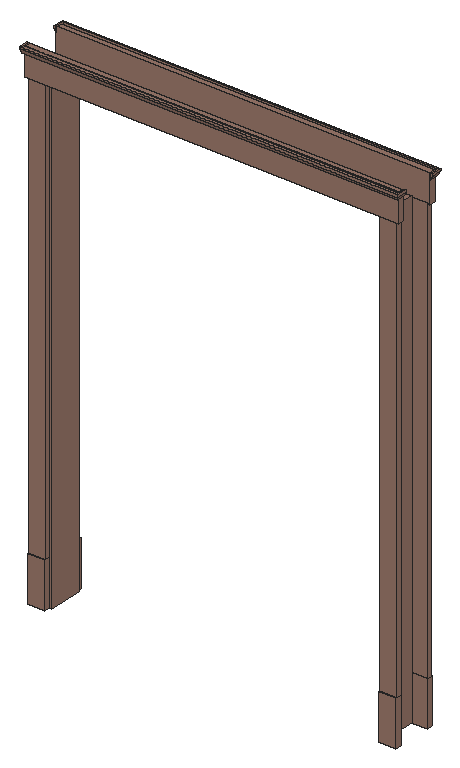
Revit family "0037_M_DR_W_opening-cased2", category 일반 모델, Revit 2026
Family settings
  호스트 = 벽
  보강 철근 호스트 가능 = 아니오
  원형 커넥터 치수 = 지름 사용
  부품 유형 = 정의되지 않음
  항상 수직 = 예
  로드될 때 보이드를 사용하여 절단 = 아니오
  주석 방향 유지 = 아니오
  공유 = 아니오
  룸 계산 점 = 아니오
Parameters (values of type "60" x 84"")
  기본 높이 = 0' - 0"
  Frame Material = Door - Frame
  Height = 7' - 0"
  Trim Head = 0' - 5"
  Trim Thickness = 0' - 0 3/4"
  Trim Width = 0' - 3"
  Width = 5' - 0"
Types (5): name | Trim Head | Width
  (no name) | 0' - 5" | 5' - 0"
  36" x 84" | 0' - 4" | 3' - 0"
  30" x 84" | 0' - 4" | 2' - 6"
  48" x 84" | 0' - 4" | 4' - 0"
  60" x 84" | 0' - 5" | 5' - 0"
Reference planes (in)
  plane 1: y = 0
  plane 2 "Center (L/R)": x = -0.32239
  plane 3 "Right": x = 29.67761
  plane 4 "Left": x = -30.32239
  plane 5 "Top": z = 84
  plane 6: y = 3.75
  plane 7: y = -3.75
  plane 8: z = 8
  plane 9: y = -4
  plane 10: y = 4
Forms (in)
  Sweep 1, solid, material "Door - Frame" <- "Frame Material", detail levels medium+fine
    path in 3D
      loop
        line (29.67761, 3, 0) -> (29.67761, 3, 84) -> (-30.32239, 3, 84) -> (-30.32239, 3, 0)
    profile origin (29.67761, 0, 42) x (0, 1, 0) y (-1, 0, 0)
      loop
        line (3, 0) -> (3, 0.75) -> (-3, 0.75) -> (-3, 0) -> (3, 0)
  Extrusion 2, solid, material "Door - Frame" <- "Frame Material"
    sketch origin (-60, 3, 0) x (-1, 0, 0) y (0, 0, 1)
      loop
        line (-89.42761, 8) -> (-89.42761, 83.75) -> (-92.42761, 83.75) -> (-92.42761, 8) -> (-89.42761, 8)
      loop
        line (-26.92761, 83.75) -> (-29.92761, 83.75) -> (-29.92761, 8) -> (-26.92761, 8) -> (-26.92761, 83.75)
    from 0 to 0.75
  Extrusion 3, solid, material "Door - Frame" <- "Frame Material"
    sketch origin (-60, -3, 0) x (1, 0, 0) y (0, 0, 1)
      loop
        line (29.92761, 83.75) -> (26.92761, 83.75) -> (26.92761, 8) -> (29.92761, 8) -> (29.92761, 83.75)
      loop
        line (92.42761, 83.75) -> (89.42761, 83.75) -> (89.42761, 8) -> (92.42761, 8) -> (92.42761, 83.75)
    from 0 to 0.75
  Extrusion 4, solid, material "Door - Frame" <- "Frame Material"
    sketch origin (-60, -3, 0) x (1, 0, 0) y (0, 0, 1)
      loop
        line (92.92761, 83.75) -> (92.92761, 88.75) -> (26.42761, 88.75) -> (26.42761, 83.75) -> (92.92761, 83.75)
      loop
        line (26.92761, 8) -> (26.92761, 0) -> (29.92761, 0) -> (29.92761, 8) -> (26.92761, 8)
      loop
        line (89.42761, 8) -> (89.42761, 0) -> (92.42761, 0) -> (92.42761, 8) -> (89.42761, 8)
    from 0 to 1
  Sweep 5, solid, material "Door - Frame" <- "Frame Material"
    path origin (0, 0, 0) x (1, 0, 0) y (0, 1, 0)
      loop
        line (32.42761, -3) -> (32.42761, -3.75) -> (-33.07239, -3.75) -> (-33.07239, -3)
    profile origin (0, -3.375, 0) x (1, 0, 0) y (0, 0, 1)
      loop
        line (32.92761, 88.75) -> (32.92761, 87.75) -> (33.05839, 87.75) -> (33.30261, 88.34484) -> (33.30261, 88.75) -> (32.92761, 88.75)
  Extrusion 6, solid, material "Door - Frame" <- "Frame Material"
    sketch origin (-60, 3, 0) x (-1, 0, 0) y (0, 0, 1)
      loop
        line (-26.42761, 83.75) -> (-26.42761, 88.75) -> (-92.92761, 88.75) -> (-92.92761, 83.75) -> (-26.42761, 83.75)
      loop
        line (-92.42761, 8) -> (-92.42761, 0) -> (-89.42761, 0) -> (-89.42761, 8) -> (-92.42761, 8)
      loop
        line (-29.92761, 8) -> (-29.92761, 0) -> (-26.92761, 0) -> (-26.92761, 8) -> (-29.92761, 8)
    from 0 to 1
  Sweep 7, solid, material "Door - Frame" <- "Frame Material"
    path origin (0, 0, 0) x (1, 0, 0) y (0, 1, 0)
      loop
        line (32.42761, 3) -> (32.42761, 4) -> (-33.07239, 4) -> (-33.07239, 3)
    profile origin (0, 3.5, 0) x (-1, 0, 0) y (0, 0, 1)
      loop
        line (-32.92761, 88.75) -> (-33.30261, 88.75) -> (-33.30261, 88.34375) -> (-33.05261, 87.75) -> (-32.92761, 87.75) -> (-32.92761, 88.75)
Lines and regions (in)
  Opening 1
    outline origin (-60, -3, 0) x (1, 0, 0) y (0, 0, 1)
      loop
        line (89.67761, 84) -> (29.67761, 84) -> (29.67761, 0) -> (89.67761, 0) -> (89.67761, 84)
  symbolic lines, style "Overhead"
    curve 1: line (-30.32239, 3, 0) -> (29.67761, 3, 0)
    curve 2: line (-30.32239, -3, 0) -> (29.67761, -3, 0)
  sketch lines
    curve 3: line (29.67761, 3, 0) -> (29.67761, 3, 84)
    curve 4: line (29.67761, 3, 84) -> (-30.32239, 3, 84)
    curve 5: line (-30.32239, 3, 84) -> (-30.32239, 3, 0)
Text (in)
  text "Placement Side" at (0, 40.15149, 123.01588), in view "Right"
  text "Placement Side" at (-70.3804, 49.97178, 0), in view "Ref. Level"
  text "Placement Side" at (0, 59.21414, 117.1547), in view "Left"
Dimensions and locks (in)
  "Width": plane 4 "Left" to plane 3 "Right"
  equal spacing: plane 4 "Left", plane 2 "Center (L/R)", plane 3 "Right"
  "Height": host wall to plane 5 "Top"
  "Trim Thickness": Sweep 1 sketch curve to plane 3 "Right"
  plane 3 "Right" to Extrusion 2 sketch curve = 0' - 0 1/4"
  "Trim Width": Extrusion 2 sketch curve to Extrusion 2 sketch curve  (x2)
  locked: plane 4 "Left" to Extrusion 2 sketch curve at 0.25
  locked: Extrusion 2 sketch curve to plane 5 "Top" at 0.25
  locked: Extrusion 3 sketch curve to plane 4 "Left" at 0.25
  "Trim Width": Extrusion 3 sketch curve to Extrusion 3 sketch curve  (x2)
  locked: plane 5 "Top" to Extrusion 3 sketch curve at 0.25
  locked: plane 3 "Right" to Extrusion 3 sketch curve at 0.25
  "Trim Thickness": host wall to plane 6
  "Trim Thickness": plane 7 to host wall
  locked: host wall to plane 8 at 8
  "Trim Head": Extrusion 4 sketch curve to Extrusion 4 sketch curve
  locked: Extrusion 4 sketch curve to Extrusion 3 at 0.5  (x2)
  locked: Extrusion 4 to Sweep 5 sketch curve at 1
  locked: plane 9 to plane 7 at 0.25
  locked: plane 6 to plane 10 at 0.25
  locked: Extrusion 2 to Extrusion 6 sketch curve at 0.5
  locked: Extrusion 6 sketch curve to Extrusion 2 at 0.5
  "Trim Head": Extrusion 6 sketch curve to Extrusion 6 sketch curve
  locked: Sweep 7 sketch curve to Extrusion 4 at 1
  aligned and locked: plane 3 "Right" to Opening 1 sketch curve
  aligned and locked: Opening 1 sketch curve to plane 5 "Top"
  aligned and locked: level to Opening 1 sketch curve
  aligned and locked: Opening 1 sketch curve to plane 4 "Left"
  aligned and locked: host wall to Sweep 1 sketch curve  (x2)
  aligned and locked: Extrusion 2 to plane 6
  aligned and locked: Extrusion 3 to plane 7
  aligned and locked: Extrusion 2 sketch curve to plane 8  (x2)
  aligned and locked: Extrusion 3 sketch curve to plane 8  (x2)
  aligned and locked: Extrusion 4 sketch curve to Extrusion 3  (x4)
  aligned and locked: plane 8 to Extrusion 4 sketch curve  (x2)
  aligned and locked: host wall to Extrusion 4 sketch curve
  aligned and locked: Extrusion 3 to Extrusion 4 sketch curve
  aligned and locked: Sweep 5 sketch curve to Extrusion 3  (x2)
  aligned and locked: Sweep 5 sketch curve to plane 7
  aligned and locked: Sweep 5 sketch curve to Extrusion 4
  aligned and locked: Extrusion 4 to plane 9
  aligned and locked: Extrusion 6 sketch curve to Extrusion 2  (x5)
  aligned and locked: level to Extrusion 6 sketch curve
  aligned and locked: plane 8 to Extrusion 6 sketch curve  (x2)
  aligned and locked: Sweep 7 sketch curve to plane 10
  aligned and locked: Extrusion 6 to Sweep 7 sketch curve
  aligned and locked: Extrusion 6 to plane 10
Automatic sketch dimensions
  curve 2 to host wall = 0' - 0"
  curve 2 to plane 4 "Left" = 0' - 0"
  curve 1 to host wall = 0' - 0"
  curve 1 to plane 4 "Left" = 0' - 0"
  curve 2 to plane 3 "Right" = 0' - 0"
  curve 1 to plane 3 "Right" = 0' - 0"
  Sweep 1 sketch curve to Sweep 1 sketch curve = 0' - 0 3/4"
  plane 5 "Top" to Extrusion 3 sketch curve = 0' - 0 1/4"
  Sweep 5 sketch curve to plane 7 = 0' - 0 3/4"
  Sweep 5 sketch curve to Sweep 5 sketch curve = 0' - 0 3/4"
  Extrusion 4 sketch curve to level = 0' - 0"
  Sweep 5 sketch curve to profile plane = 0' - 0 1/2"
  Sweep 5 sketch curve to Sweep 5 sketch curve = 0' - 0.13078"
  Sweep 5 sketch curve to Sweep 5 sketch curve = 0' - 0 3/8"
  Sweep 5 sketch curve to Sweep 5 sketch curve = 0' - 0.40516"
  plane 5 "Top" to Extrusion 2 sketch curve = 0' - 0 1/4"
  Extrusion 6 sketch curve to level = 0' - 0"
  Sweep 7 sketch curve to plane 4 "Left" = 0' - 2 3/4"
  plane 3 "Right" to Sweep 7 sketch curve = 0' - 2 3/4"
  plane 6 to Sweep 7 sketch curve = 0' - 0 3/4"  (x2)
  Sweep 7 sketch curve to Sweep 7 sketch curve = 0' - 0 1/4"
  Sweep 7 sketch curve to Sweep 7 sketch curve = 0' - 0 13/32"
  Sweep 7 sketch curve to Sweep 7 sketch curve = 0' - 0 3/8"
  profile plane to Sweep 7 sketch curve = 0' - 0 5/8"
